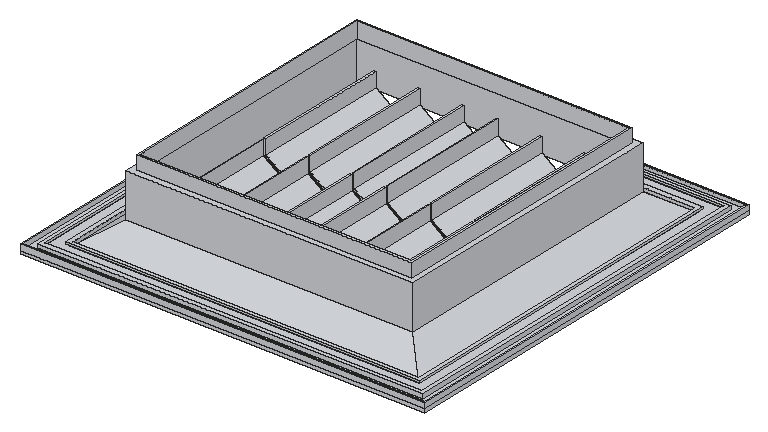
Revit family "QC-MS-1WAY", category Generic Models, Revit 2018
Family settings
  Can host rebar = No
  Round Connector Dimension = Use Diameter
  Part Type = Normal
  Work Plane-Based = No
  Always vertical = Yes
  Cut with Voids When Loaded = No
  Shared = No
  Room Calculation Point = No
Parameters (values of type "QC-MS-10X10-ONE WAY")
  Thickness = 0' - 0 7/128"  # constant formula
  NOMINAL DUCT WID = 0' - 10"
  NOMINAL DUCT HI = 0' - 10"
  Model = "QC-MS"
  Manufacturer = "ANEMOSTAT PRODUCTS"
  FRAMEGAP = 0' 0 1/4" / 2  # 0' - 0 1/8"
  FACEPLATE = 0' 3 3/4" / 2  # 0' - 1 7/8"
  F9 = 35.20°  # constant formula
  F8 = 0' - 0 49/256"  # constant formula
  F7 = 0' - 0 7/64"  # constant formula
  F6 = 0' - 0 51/256"  # constant formula
  F5 = 0' - 0 133/256"  # constant formula
  F4 = 0' - 1 15/32"  # constant formula
  F3 = 0' - 0 3/4"  # constant formula
  F2 = 0' - 1 9/128"  # constant formula
  F12 = 0' - 0 33/256"  # constant formula
  F11 = 0' - 0 9/32"  # constant formula
  F10 = 0' - 0 25/64"  # constant formula
  F1 = 0' - 1"  # constant formula
  Description = "STEEL MODULAR CORE DIFFUSER W/ LATTICE FACE PLATE"
  BLADE4WUP = QC-BLADE : QC-BLADE
  BLADE4WR = QC-BLADE : QC-BLADE
  BLADE4WLEFT = QC-BLADE : QC-BLADE
  BLADE4WDOWN = QC-BLADE : QC-BLADE
  BLADE4WAY = NOMINAL DUCT HI / 2.15  # 0' - 4.65116"
  BALDES = 3
Types (11): name | NOMINAL DUCT WID | NOMINAL DUCT HI | BLADE4WAY | BALDES
  (no name) | 0' - 10" | 0' - 10" | 0' - 4.65116" | 3
  QC-MS-06X06-ONE WAY | 0' - 6" | 0' - 6" | 0' - 2.7907" | 2
  QC-MS-08X08-ONE WAY | 0' - 8" | 0' - 8" | 0' - 3.72093" | 2
  QC-MS-10X10-ONE WAY | 0' - 10" | 0' - 10" | 0' - 4.65116" | 3
  QC-MS-12X12-ONE WAY | 1' - 0" | 1' - 0" | 0' - 5.5814" | 4
  QC-MS-14X14-ONE WAY | 1' - 2" | 1' - 2" | 0' - 6.51163" | 4
  QC-MS-16X16-ONE WAY | 1' - 4" | 1' - 4" | 0' - 7.44186" | 5
  QC-MS-18X18-ONE WAY | 1' - 6" | 1' - 6" | 0' - 8.37209" | 6
  QC-MS-20X20-ONE WAY | 1' - 8" | 1' - 8" | 0' - 9.30233" | 6
  QC-MS-22X22-ONE WAY | 1' - 10" | 1' - 10" | 0' - 10.23256" | 7
  QC-MS-24X24-ONE WAY | 2' - 0" | 2' - 0" | 0' - 11.16279" | 8
Reference planes (in)
  plane 1 "Center (Front/Back)": y = 0
  plane 2: z = 0
  plane 3 "Center (Left/Right)": x = 0
  plane 4: x = -5
  plane 5: x = 5
  plane 6: z = 0.75
  plane 7: z = 2.21875
  plane 8: x = -6.07031
  plane 9: x = -7.07031
  plane 10: x = -4.875
  plane 11: x = 4.875
  plane 12: z = 2.73828
  plane 13: x = -4.67578
  plane 14: y = 5
  plane 15: y = -5
  plane 16: y = 4.875
  plane 17: y = -4.875
  plane 18: x = 0.05469
  plane 19: x = -0.05469
  plane 20: y = 0.05469
  plane 21: y = -0.05469
  plane 22: z = 1.46875
Forms (in)
  Extrusion 1, solid
    sketch origin (0, 0, 0) x (1, 0, 0) y (0, 1, 0)
      loop
        line (6.875, 6.875) -> (-6.875, 6.875) -> (-6.875, -6.875) -> (6.875, -6.875) -> (6.875, 6.875)
    from 0 to 0.10938
  Sweep 2, solid
    path in 3D
      loop
        line (-6.875, -6.875, 0.10937) -> (6.875, -6.875, 0.10937) -> (6.875, 6.875, 0.10937) -> (-6.875, 6.875, 0.10937) -> (-6.875, -6.875, 0.10937)
    profile origin (-6.875, 0, 0.10937) x (1, 0, 0) y (0, 0, 1)
      loop
        line (0, 0) -> (1.0078, 0) -> (2.05469, 0.7385) -> (2.05469, 2.20725) -> (2.25391, 2.20725) -> (2.25391, 2.72678) -> (2.19922, 2.72678) -> (2.19922, 2.26194) -> (2, 2.26194) -> (2, 0.76685) -> (0.98437, 0.0504) -> (0.98437, 0.19141) -> (0.85547, 0.19141) -> (0.85547, 0.12679) -> (0.92969, 0.12679) -> (0.92969, 0.05469) -> (0.39062, 0.05469) -> (0.39062, 0.12679) -> (0.46484, 0.12679) -> (0.46484, 0.19141) -> (0.33594, 0.19141) -> (0.33594, 0.05469) -> (0.05469, 0.05469) -> (0.05469, 0.19141) -> (0, 0.19141) -> (0, 0)
  Extrusion 3, void
    sketch origin (0, 0, 0) x (1, 0, 0) y (0, 1, 0)
      loop
        line (-6.01953, 6.01953) -> (-6.01953, -6.01953) -> (6.01953, -6.01953) -> (6.01953, 6.01953) -> (-6.01953, 6.01953)
    from 0 to 0.10938
Cuts and joins
  Extrusion 3 cuts Extrusion 1
  Extrusion 3 cuts Sweep 2
Lines and regions (in)
  sketch lines
    curve 1: line (-6.875, 6.875, 0.10937) -> (-6.875, -6.875, 0.10937)
    curve 2: line (-6.875, -6.875, 0.10937) -> (6.875, -6.875, 0.10937)
    curve 3: line (6.875, -6.875, 0.10937) -> (6.875, 6.875, 0.10937)
    curve 4: line (6.875, 6.875, 0.10937) -> (-6.875, 6.875, 0.10937)
Dimensions and locks (in)
  equal spacing: plane 5, plane 3 "Center (Left/Right)", plane 4
  "NOMINAL DUCT WID": plane 5 to plane 4
  "F3": plane 6 to level
  "F4": plane 7 to plane 6
  "F2": plane 4 to plane 8
  "F1": plane 8 to plane 9
  "FRAMEGAP": plane 10 to plane 4
  "FRAMEGAP": plane 5 to plane 11
  "F5": plane 12 to plane 7
  "F6": plane 13 to plane 10
  equal spacing: plane 14, plane 1 "Center (Front/Back)", plane 15
  "NOMINAL DUCT HI": plane 14 to plane 15
  plane 4 to plane 5 = 0' - 10"
  "FRAMEGAP": plane 14 to plane 16
  "FRAMEGAP": plane 17 to plane 15
  "FACEPLATE": plane 5 to Extrusion 1 sketch curve
  "FACEPLATE": Extrusion 1 sketch curve to plane 15
  "FACEPLATE": Extrusion 1 sketch curve to plane 4
  "FACEPLATE": Extrusion 1 sketch curve to plane 14
  "Thickness": Sweep 2 sketch curve to Sweep 2 sketch curve  (x7)
  "F5": Sweep 2 sketch curve to Sweep 2 sketch curve
  Sweep 2 sketch curve to Sweep 2 sketch curve = 0' - 1 15/32"
  Sweep 2 sketch curve to Extrusion 1 = 0' - 0.7385"
  Sweep 2 sketch curve to Sweep 2 sketch curve = 0' - 0 63/64"
  "F8": Sweep 2 sketch curve to Extrusion 1  (x3)
  "F4": Sweep 2 sketch curve to Sweep 2 sketch curve
  "F2": Sweep 2 sketch curve to Sweep 2 sketch curve
  "Thickness": Sweep 2 sketch curve to Extrusion 1
  "F10": Sweep 2 sketch curve to Sweep 2 sketch curve
  "F11": Sweep 2 sketch curve to Sweep 2 sketch curve
  "F12": Sweep 2 sketch curve to Sweep 2 sketch curve  (x2)
  "F6": Sweep 2 sketch curve to Sweep 2 sketch curve
  equal spacing: plane 19, plane 3 "Center (Left/Right)", plane 18
  equal spacing: plane 21, plane 1 "Center (Front/Back)", plane 20
  "F7": plane 19 to plane 18
  "F7": plane 20 to plane 21
  "F4": plane 22 to level
  equal spacing: group 1, group 2, group 9  (x3)
  equal spacing: group 3, group 4, group 10  (x3)
  equal spacing: group 11, group 6, group 5
  equal spacing: group 5, group 6, group 11  (x2)
  equal spacing: group 12, group 8, group 7
  equal spacing: group 7, group 8, group 12  (x2)
  "F9": angle Extrusion 1 to Sweep 2 sketch curve  (x2)
  aligned and locked: plane 2 to level
  aligned and locked: Sweep 2 sketch curve to Extrusion 1  (x2)
  aligned and locked: Extrusion 3 sketch curve to cut or joined group of Sweep 2, Extrusion 3  (x4)
  aligned and locked: nested 4 to plane 22
  aligned and locked: nested 1 to plane 22  (x2)
  aligned and locked: nested 4 to plane 21
  aligned and locked: nested 2 to plane 22
  aligned and locked: nested 3 to plane 22  (x2)
  aligned and locked: nested 2 to plane 20
  aligned and locked: nested 2 to plane 18
  aligned and locked: nested 2 to nested 3
  aligned and locked: nested 3 to plane 19
  aligned and locked: nested 1 to plane 21
  aligned and locked: nested 8 to plane 21
  aligned and locked: nested 6 to plane 21
Automatic sketch dimensions
  profile plane to Sweep 2 sketch curve = 0' - 0 7/128"
  Sweep 2 sketch curve to Sweep 2 sketch curve = 0' - 0.06462"
  Sweep 2 sketch curve to Sweep 2 sketch curve = 0' - 0.0721"
Nested families (in)
  nested 1: "QC-BLADE" at (-1.09766, -4.70585, 0.19922) x (-1, 0, 0) z (0, 0, 1), type <- "BLADE4WLEFT", type "QC-BLADE"
    with NOMINAL DUCT HI 0' - 9.88372", MIDBLADE 0' - 2.32558", BLADE4WAY 0' - 4.65116"
  nested 2: "QC-BLADE" at (0.05469, 0.05469, 0.19922) x (-1, 0, 0) z (0, 0, 1), type <- "BLADE4WR", type "QC-BLADE"
    with NOMINAL DUCT HI 0' - 9.88372", MIDBLADE 0' - 2.32558", BLADE4WAY 0' - 4.65116"
  nested 3: "QC-BLADE" at (-1.09766, 0.05469, 0.19922) x (-1, 0, 0) z (0, 0, 1), type <- "BLADE4WUP", type "QC-BLADE"
    with NOMINAL DUCT HI 0' - 9.88372", MIDBLADE 0' - 2.32558", BLADE4WAY 0' - 4.65116"
  nested 4: "QC-BLADE" at (0.05469, -4.70585, 0.19922) x (-1, 0, 0) z (0, 0, 1), type <- "BLADE4WDOWN", type "QC-BLADE"
    with NOMINAL DUCT HI 0' - 9.88372", MIDBLADE 0' - 2.32558", BLADE4WAY 0' - 4.65116"
  nested 5: "QC-BLADE" at (1.55469, 0.05469, 0.19922) x (-1, 0, 0) z (0, 0, 1), type <- "BLADE4WR", type "QC-BLADE"
    with NOMINAL DUCT HI 0' - 9.88372", MIDBLADE 0' - 2.32558", BLADE4WAY 0' - 4.65116"
  nested 6: "QC-BLADE" at (1.55469, -4.70585, 0.19922) x (-1, 0, 0) z (0, 0, 1), type <- "BLADE4WDOWN", type "QC-BLADE"
    with NOMINAL DUCT HI 0' - 9.88372", MIDBLADE 0' - 2.32558", BLADE4WAY 0' - 4.65116"
  nested 7: "QC-BLADE" at (-2.59766, 0.05469, 0.19922) x (-1, 0, 0) z (0, 0, 1), type <- "BLADE4WUP", type "QC-BLADE"
    with NOMINAL DUCT HI 0' - 9.88372", MIDBLADE 0' - 2.32558", BLADE4WAY 0' - 4.65116"
  nested 8: "QC-BLADE" at (-2.59766, -4.70585, 0.19922) x (-1, 0, 0) z (0, 0, 1), type <- "BLADE4WLEFT", type "QC-BLADE"
    with NOMINAL DUCT HI 0' - 9.88372", MIDBLADE 0' - 2.32558", BLADE4WAY 0' - 4.65116"
  nested 9: "QC-BLADE" at (3.05469, 0.05469, 0.19922) x (-1, 0, 0) z (0, 0, 1), type <- "BLADE4WR", type "QC-BLADE"
    with NOMINAL DUCT HI 0' - 9.88372", MIDBLADE 0' - 2.32558", BLADE4WAY 0' - 4.65116"
  nested 10: "QC-BLADE" at (3.05469, -4.70585, 0.19922) x (-1, 0, 0) z (0, 0, 1), type <- "BLADE4WDOWN", type "QC-BLADE"
    with NOMINAL DUCT HI 0' - 9.88372", MIDBLADE 0' - 2.32558", BLADE4WAY 0' - 4.65116"
  nested 11: "QC-BLADE" at (-4.09766, 0.05469, 0.19922) x (-1, 0, 0) z (0, 0, 1), type <- "BLADE4WUP", type "QC-BLADE"
    with NOMINAL DUCT HI 0' - 9.88372", MIDBLADE 0' - 2.32558", BLADE4WAY 0' - 4.65116"
  nested 12: "QC-BLADE" at (-4.09766, -4.70585, 0.19922) x (-1, 0, 0) z (0, 0, 1), type <- "BLADE4WLEFT", type "QC-BLADE"
    with NOMINAL DUCT HI 0' - 9.88372", MIDBLADE 0' - 2.32558", BLADE4WAY 0' - 4.65116"
Connectors (in)
  hvac at (0, 0, 2.37131), driven by "NOMINAL DUCT WID", driven by "NOMINAL DUCT HI"
    settings: on cut or joined group of Sweep 2, Extrusion 3, index 1, duct flow 0 CFM, flow factor 0, pres drop 0.00 in-wg, loss coef 0, conn angle 0.00°, conn width 10", conn height 10", conn diameter 24", duct sys type 1, conn prof type 1, flow config 0, flow direction 0, loss method 0, conn ref index -1, conn util no, is conn primary yes, conn desc ""
Definition of nested family "QC-BLADE"
  Parameters (values of type "QC-BLADE")
    Thickness = 0' - 0 7/128"  # constant formula
    NOMINAL DUCT WID = 0' - 6"
    NOMINAL DUCT HI = 0' - 6"
    Model = "QC-MS"
    Manufacturer = "ANEMOSTAT PRODUCTS"
    MIDBLADE = BLADE4WAY / 2  # 0' - 1.41176"
    FRAMEGAP = 0' 0 1/4" / 2  # 0' - 0 1/8"
    FACEPLATE = 0' 3 3/4" / 2  # 0' - 1 7/8"
    F9 = 35.20°  # constant formula
    F8 = 0' - 0 49/256"  # constant formula
    F7 = 0' - 0 7/64"  # constant formula
    F6 = 0' - 0 51/256"  # constant formula
    F5 = 0' - 0 133/256"  # constant formula
    F4 = 0' - 1 15/32"  # constant formula
    F3 = 0' - 0 3/4"  # constant formula
    F2 = 0' - 1 9/128"  # constant formula
    F12 = 0' - 0 33/256"  # constant formula
    F11 = 0' - 0 9/32"  # constant formula
    F10 = 0' - 0 25/64"  # constant formula
    F1 = 0' - 1"  # constant formula
    Description = "BLADE"
    BLADE4WAY = NOMINAL DUCT HI / 2.125  # 0' - 2.82353"
  Reference planes (in)
    plane 1 "Center (Front/Back)": y = 0
    plane 2: z = 0
    plane 3 "Center (Left/Right)": x = 0
    plane 4: x = -3
    plane 5: x = 3
    plane 6: z = 0.75
    plane 7: z = 2.21875
    plane 8: x = -4.07031
    plane 9: x = -5.07031
    plane 10: x = -2.875
    plane 11: x = 2.875
    plane 12: z = 2.73828
    plane 13: x = -2.67578
    plane 14: y = -3
    plane 15: y = -2.875
    plane 16: x = 0
    plane 17: y = -1.41176
  Forms (in)
    Extrusion 1, solid
      sketch origin (0, 0, 0) x (1, 0, 0) y (0, 0, 1)
        loop
          line (0.02734, 1.26953) -> (-0.02734, 1.26953) -> (-0.02734, 0.77835) -> (-1.06956, 0.04315) -> (-1.04297, -0.00502) -> (0.02734, 0.75) -> (0.02734, 1.26953)
      from 0 to 2.82353 <- "BLADE4WAY"
  Dimensions and locks (in)
    equal spacing: plane 5, plane 3 "Center (Left/Right)", plane 4
    "NOMINAL DUCT WID": plane 5 to plane 4
    "F3": plane 6 to level
    "F4": plane 7 to plane 6
    "F2": plane 4 to plane 8
    "F1": plane 8 to plane 9
    "FRAMEGAP": plane 10 to plane 4
    "FRAMEGAP": plane 5 to plane 11
    "F5": plane 12 to plane 7
    "F6": plane 13 to plane 10
    plane 1 "Center (Front/Back)" to plane 14 = 0' - 3"
    plane 4 to plane 5 = 0' - 6"
    "FRAMEGAP": plane 15 to plane 14
    "Thickness": Extrusion 1 sketch curve to Extrusion 1 sketch curve  (x2)
    "F5": Extrusion 1 sketch curve to Extrusion 1 sketch curve
    "F2": Extrusion 1 sketch curve to Extrusion 1 sketch curve
    locked: plane 16 to Extrusion 1 sketch curve at 0.02734
    "MIDBLADE": plane 17 to plane 1 "Center (Front/Back)"
    "F9": angle level to Extrusion 1 sketch curve  (x2)
    aligned and locked: plane 2 to level
    aligned and locked: plane 3 "Center (Left/Right)" to plane 16
  Automatic sketch dimensions
    Extrusion 1 sketch curve to plane 6 = 0' - 0"
    level to Extrusion 1 sketch curve = 0' - 0.04315"
